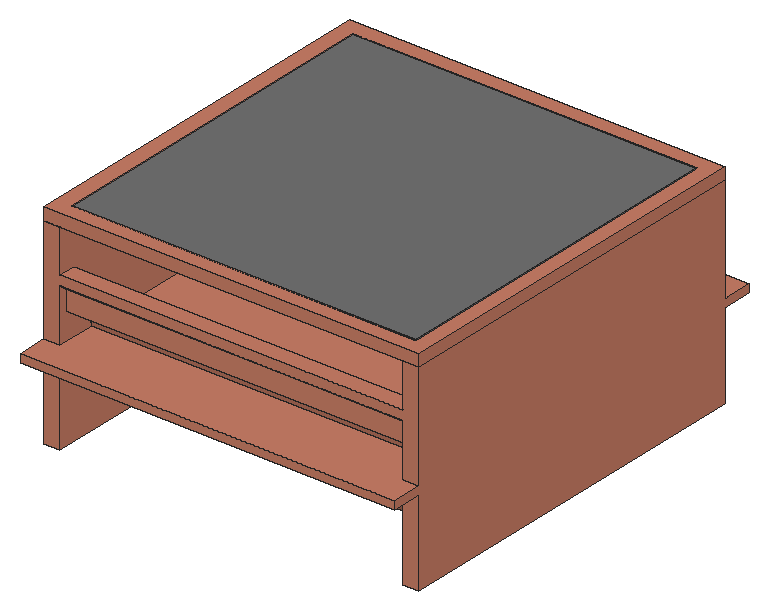
Revit family
Parameters (values of type "2810")
  Weight (lb) = 0
  Waste Connection = no
  Warranty = "1 year material and workmanship"  # constant formula
  Vent Connection = no
  URL = "http://www.jrsmith.com"
  Threaded = yes
  Technical and Installation = "http://www.jrsmith.com/products/floor/tech_data_index.htm"
  SmartBIM Object Version = 3  # constant formula
  SmartBIM Object Created By = "Reed Construction Data"  # constant formula
  Right Trench Width [instance] = # of Trench Right * 12"  # 24"
  Push On = yes
  Product URL = "http://www.jrsmith.com/products/floor/submittal/d2710.pdf"
  Outlet Radius = Pipe Diameter / 2  # 1 1/2"
  Pipe Diameter = 3"
  OmniClass Title = "Sanitary Drains"  # constant formula
  OmniClass Code = "22-22 13 19 13"  # constant formula
  No Hub = yes
  Model = "2810"  # constant formula
  Material Finish = Duco Coated
  Material = Cast Iron
  Manufacturer = "Jay R. Smith Mfg. Co. "  # constant formula
  Left Trench Width [instance] = # of Trench Left * 12"  # 24"
  Free Area (sq. in) = ""
  Flow Rate = ""
  Description = "Duco cast iron flanged body outlet"  # constant formula
  Default Elevation = 0"
  Connection Type = ""
  Caulk = yes
  Assembly Code = "D2030300"
  95 CSI = "15155"  # constant formula
  04 CSI = "22 13 19"  # constant formula
  # of Trench Right [instance] = 2
  # of Trench Left [instance] = 2
Reference planes (in)
  plane 1 "Center (Front/Back)": y = 0.875
  plane 2: z = 0
  plane 3 "Center (Left/Right)": x = -0.43066
  plane 4: y = 7
  plane 5: y = -5.25
  plane 6: z = 0.125
  plane 7: x = -6.43066
  plane 8: x = 5.56934
Dimensions and locks (in)
  locked: plane 5 to plane 4 at 12.25
  plane 5 to plane 4 = 12 1/4"
  equal spacing: plane 5, plane 1 "Center (Front/Back)", plane 4
  locked: plane 6 to level at 0.125
  aligned and locked: plane 3 "Center (Left/Right)" to nested 1
  aligned and locked: plane 1 "Center (Front/Back)" to nested 1
  aligned and locked: plane 6 to nested 1
Nested families (in)
  nested 1: "2810" at (0, 0, -3.91846), type "2810"
    with Right Trench Width 24", Left Trench Width 24", # of Trench Right 2, # of Trench Left 2
Definition of nested family "2810"
  Parameters (values of type "2810")
    Weight (lb) = 0
    Waste Connection = no
    Warranty = "1 year material and workmanship"  # constant formula
    Vent Connection = no
    URL = "http://www.jrsmith.com"
    Threaded = yes
    Technical and Installation = "http://www.jrsmith.com/products/floor/tech_data_index.htm"
    SmartBIM Object Version = 3  # constant formula
    SmartBIM Object Created By = "Reed Construction Data"  # constant formula
    Right Trench Width [instance] = # of Trench Right * 12"  # 24"
    Push On = yes
    Product URL = "http://www.jrsmith.com/products/floor/submittal/d2710.pdf"
    Outlet Radius = Outlet Diameter / 2  # 1 1/2"
    Outlet Diameter = 3"
    OmniClass Title = "Sanitary Drains"  # constant formula
    OmniClass Code = "22-22 13 19 13"  # constant formula
    No Hub = yes
    Model = "2810"  # constant formula
    Material Finish = Duco Coated
    Material = Cast Iron
    Manufacturer = "Jay R. Smith Mfg. Co. "  # constant formula
    Left Trench Width [instance] = # of Trench Left * 12"  # 24"
    Free Area (sq. in) = ""
    Flow Rate = ""
    Description = "Duco cast iron flanged body outlet"  # constant formula
    Default Elevation = 0"
    Connection Type = ""
    Caulk = yes
    Assembly Code = "D2030300"
    95 CSI = "15155"  # constant formula
    04 CSI = "22 13 19"  # constant formula
    # of Trench Right [instance] = 2
    # of Trench Left [instance] = 2
  Reference planes (in)
    plane 1 "Center (Front/Back)": y = 0.875
    plane 2: z = 0
    plane 3 "Center (Left/Right)": x = -0.43066
    plane 4: y = 7
    plane 5: y = -5.25
    plane 6: z = 4.04346
    plane 7: x = -6.43066
    plane 8: x = 5.56934
  Dimensions and locks (in)
    locked: plane 5 to plane 4 at 12.25
    plane 5 to plane 4 = 12 1/4"
    equal spacing: plane 5, plane 1 "Center (Front/Back)", plane 4
    aligned and locked: plane 1 "Center (Front/Back)" to nested 1
    aligned and locked: plane 6 to nested 1
  Nested families (in)
    nested 1: "Trench" at (-0.43066, 0.875, -2.75146), type "Trench"
  Definition of nested family "Trench"
    Parameters
      Unit = Cast Iron
      Plate = Duco Coated
    Reference planes (in)
      plane 1 "Center (Front/Back)": y = 0
      plane 2: z = 0
      plane 3 "Center (Left/Right)": x = 0
      plane 4: x = -6
      plane 5: x = 6
      plane 6: y = -6.125
      plane 7: y = 6.125
      plane 8: z = 6.79492
    Forms (in)
      Extrusion 1, solid, material "Cast Iron" <- "Unit"
        sketch origin (-12, -0.875, 2.75146) x (0, 1, 0) y (0, 0, 1)
          loop
            line (-6.20703, 0.26318) -> (-6.20703, 0) -> (7.95703, 0) -> (7.95703, 0.26318) -> (-6.20703, 0.26318)
        from 6 to 18
      Extrusion 2, solid, material "Cast Iron" <- "Unit"
        sketch origin (-12, 0, -3.60601) x (1, 0, 0) y (0, 0, 1)
          loop
            line (17.5, 3.60601) -> (18, 3.60601) -> (18, 10.02273) -> (17.5, 10.02273) -> (17.5, 3.60601)
        from -6.125 to 6.125
      Extrusion 3, solid, material "Cast Iron" <- "Unit"
        sketch origin (-11.5, 0, -3.60601) x (1, 0, 0) y (0, 0, 1)
          loop
            line (5.5, 3.60601) -> (6, 3.60601) -> (6, 10.02273) -> (5.5, 10.02273) -> (5.5, 3.60601)
        from -6.125 to 6.125
      Extrusion 4, solid, material "Cast Iron" <- "Unit"
        sketch origin (-12, -0.875, 2.75146) x (1, 0, 0) y (0, 1, 0)
          loop
            line (18, 7) -> (6, 7) -> (6, -5.25) -> (18, -5.25) -> (18, 7)
          loop
            line (6.5, 6.5) -> (6.5, -4.75) -> (17.5, -4.75) -> (17.5, 6.5) -> (6.5, 6.5)
        from 3.66526 to 4.04346
      Extrusion 5, solid, material "Duco Coated" <- "Plate"
        sketch origin (-12, -0.875, 2.75146) x (1, 0, 0) y (0, 1, 0)
          loop
            line (6.5, 6.5) -> (6.5, -4.75) -> (17.5, -4.75) -> (17.5, 6.5) -> (6.5, 6.5)
        from 3.66526 to 4.04346
      Extrusion 6, solid, material "Cast Iron" <- "Unit"
        sketch origin (-6, -0.875, 2.75146) x (0, 1, 0) y (0, 0, 1)
          loop
            line (-4.69971, 2.27295) -> (-5.25, 2.27295) -> (-5.25, 1.96191) -> (-5.02271, 1.78008) -> (-5.02271, 1.14844) -> (-4.4425, 1.14844) -> (-4.29297, 1.02881) -> (-4.17334, 0.81348) -> (-3.33526, -1.64039)
            arc (-3.33526, -1.64039) -> (-2.77491, -2.41787) -> (-1.87646, -2.75146) r 1.64607
            line (-1.87646, -2.75146) -> (3.62646, -2.75146)
            arc (3.62646, -2.75146) -> (4.52491, -2.41787) -> (5.08526, -1.64039) r 1.64607
            line (5.08526, -1.64039) -> (5.92334, 0.81348) -> (6.04297, 1.02881) -> (6.1925, 1.14844) -> (6.77271, 1.14844) -> (6.77271, 1.78008) -> (7, 1.96191) -> (7, 2.27295) -> (6.44971, 2.27295) -> (6.44971, 1.3877) -> (5.54053, 1.3877) -> (5.54053, 0.76563) -> (4.60742, -1.74658)
            arc (4.60742, -1.74658) -> (4.21448, -2.22785) -> (3.65039, -2.48828) r 1.38167
            line (3.65039, -2.48828) -> (-1.90039, -2.48828)
            arc (-1.90039, -2.48828) -> (-2.46448, -2.22785) -> (-2.85742, -1.74658) r 1.38167
            line (-2.85742, -1.74658) -> (-3.79053, 0.76563) -> (-3.79053, 1.3877) -> (-4.69971, 1.3877) -> (-4.69971, 2.27295)
        from 0 to 12
    Cuts and joins
      joined: Extrusion 1, Extrusion 2, Extrusion 3, Extrusion 6
    Dimensions and locks (in)
      plane 4 to plane 5 = 12"
      locked: Extrusion 4 sketch curve to Extrusion 4 sketch curve at 0.5
      locked: plane 8 to level at 6.79492
      aligned and locked: Extrusion 3 to Extrusion 1
      aligned and locked: Extrusion 2 to Extrusion 1
      aligned and locked: Extrusion 4 sketch curve to plane 5
      aligned and locked: Extrusion 5 sketch curve to Extrusion 4
